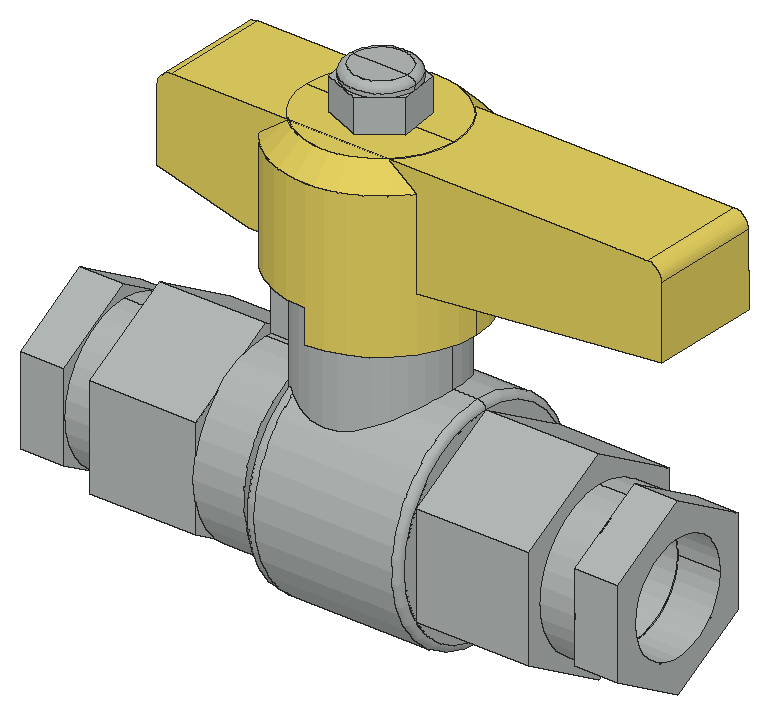
Revit family "QP12335015", category Apparecchi idraulici, Revit 2020
Family settings
  Quota connettore circolare = Usa diametro
  Tipo di parte = Normale
  Numero OmniClass = 23.45.00.00
  Titolo OmniClass = Sanitary, Laundry, and Cleaning Equipment
  Basato su piano di lavoro = No
  Sempre verticale = Sì
  Taglio con vuoti quando caricato = No
  Condiviso = No
  Punto di calcolo locali = No
Parameters
  URL = "https://web.cimberio.com/index.php/figura/1600?subcategoria_id="
  Prospetto di default = 0 mm
  Produttore = "CIMBERIO SPA"
  Modello = "Cim 802FPTR"
  Descrizione = "Utilizzato nell’impiantistica distributiva di gas a bassa pressione per le categorie:\r\nGas naturali: gas derivati dal petrolio (Metano) e gas di ricambio.\r\nGas di città: prodotti secondo i diversi procedimenti (Cracking - Cokerie - ecc.).\r\nGas liquidi: propano e miscele di gas propano/butano"
Reference planes
  plane 1 "Centro (Fronte/Retro)": y = 0
  plane 2: z = 0
  plane 3 "Centro (Sinistra/Destra)": x = 0
Forms (mm)
  Revolve 1, solid, material "_CIM Plastica maniglia"
    sketch origin (0, 0, -1.484) x (1, 0, 0) y (0, 0, 1)
      loop
        line (0, 47.3) -> (-10.25, 47.3) -> (-13.25, 44.3) -> (-13.25, 24.3) -> (-8.92, 24.3) -> (-8.92, 33.247) -> (0, 33.247) -> (0, 47.3)
      axis (0, 47.3) -> (0, 24.3)
    angle from 0 to 360
  Extrusion 2, void
    sketch origin (0, 0, 27.066) x (1, 0, 0) y (0, 1, 0)
      loop
        line (-8.682, 0) -> (-12.843, 0)
        arc (-12.843, 0) -> (-11.056, -11.86) -> (0, -16.51) r 12.25
        line (0, -16.51) -> (0, -7.437)
        arc (0, -7.437) -> (-5.627, -5.22) -> (-8.682, 0) r 9.25
    from -7.705 to 0.295
  Extrusion 3, solid, material "_CIM_Lega di ottone"
    sketch origin (0, 0, 45.816) x (0.380137, 0.92493, 0) y (-0.92493, 0.380137, 0)
      loop
        line (0, 5.6) -> (-4.85, 2.8) -> (-4.85, -2.8) -> (0, -5.6) -> (4.85, -2.8) -> (4.85, 2.8) -> (0, 5.6)
    from 0 to 4.5
  Revolve 4, solid, material "_CIM_Lega di ottone"
    sketch origin (0, 0, -1.484) x (1, 0, 0) y (0, 0, 1)
      loop
        line (0, 28.8) -> (0, 11.324) -> (10.003, 11.324) -> (10.003, 28.8) -> (0, 28.8)
      axis (0, 28.8) -> (0, 11.324)
    angle from 0 to 360
  Extrusion 5, solid, material "_CIM_Lega di ottone"
    sketch origin (0, 0, -1.484) x (1, 0, 0) y (0, 0, 1)
      loop
        line (-9, 27.8) -> (-14, 27.8) -> (-14, 15.632) -> (-9, 15.632) -> (-9, 27.8)
    from -1.5 to 1.5
  Revolve 6, solid, material "_CIM_Lega di ottone filetto"
    sketch origin (0, 0, -1.484) x (1, 0, 0) y (0, 0, 1)
      loop
        line (0, 33.247) -> (-8.299, 33.247) -> (-8.299, 31.791) -> (-7.423, 31.285) -> (-7.423, 30.49) -> (-8.299, 29.984) -> (-8.299, 29.189) -> (-7.423, 28.683) -> (-7.423, 27.74) -> (-8.299, 26.864) -> (-8.299, 25.951) -> (0, 25.951) -> (0, 33.247)
      axis (0, 33.247) -> (0, 25.951)
    angle from 0 to 360
  Revolve 7, solid, material "_CIM_Lega di ottone"
    sketch origin (0, 0, -1.484) x (1, 0, 0) y (0, 0, 1)
      loop
        line (0, 53.3) -> (0, 51.152) -> (4.75, 51.152) -> (4.75, 52.3)
        arc (4.75, 52.3) -> (4.457, 53.007) -> (3.75, 53.3) r 1
        line (3.75, 53.3) -> (0, 53.3)
      axis (0, 53.3) -> (0, 51.152)
    angle from 0 to 360
  Extrusion 8, solid, material "_CIM_Lega di ottone"
    sketch origin (-16, 0, 0) x (0, 0, 1) y (0, 1, 0)
      loop
        circle (0, 0) r 7.467
      loop
        line (14, 0) -> (7, 12.124) -> (-7, 12.124) -> (-14, 0) -> (-7, -12.124) -> (7, -12.124) -> (14, 0)
    from 0 to 14.6
  Revolve 9, solid, material "_CIM_Lega di ottone"
    sketch origin (0, 0, 0) x (1, 0, 0) y (0, 0, 1)
      loop
        line (-16, -7.467) -> (-16, -12.5) -> (-9, -12.5) -> (-6.646, -14.854)
        arc (-6.646, -14.854) -> (-6.13, -14.957) -> (-5.604, -15) r 4.499
        line (-5.604, -15) -> (13.501, -15)
        arc (13.501, -15) -> (14.207, -14.707) -> (14.5, -14) r 1
        line (14.5, -14) -> (14.5, -7.467) -> (-16, -7.467)
      axis (-16, 0) -> (14.5, 0)
    angle from 0 to 360
  Extrusion 10, solid, material "_CIM_Lega di ottone"
    sketch origin (0, 0, 0) x (0, 1, 0) y (0, 0, 1)
      loop
        circle (0, 0) r 7.467
      loop
        line (0, 14) -> (-12.124, 7) -> (-12.124, -7) -> (0, -14) -> (12.124, -7) -> (12.124, 7) -> (0, 14)
    from 14.5 to 30.2
  Extrusion 11, solid, material "_CIM Plastica maniglia"
    sketch origin (0, 0, 0) x (1, 0, 0) y (0, 0, 1)
      loop
        line (-25, 43.8) -> (-25, 33.8) -> (-12.266, 30.404) -> (11.043, 30.404) -> (45, 33.8) -> (45, 43.8)
        arc (45, 43.8) -> (44.414, 45.214) -> (43, 45.8) r 2
        line (43, 45.8) -> (-23, 45.8)
        arc (-23, 45.8) -> (-24.414, 45.214) -> (-25, 43.8) r 2
    from -7.434 to 7.499
  Extrusion 12, solid, material "_CIM_Lega di ottone"
    sketch origin (-16, 0, 0) x (0, 0, 1) y (0, 1, 0)
      loop
        circle (0, 0) r 7.467
      loop
        line (12, 0) -> (6, 10.392) -> (-6, 10.392) -> (-12, 0) -> (-6, -10.392) -> (6, -10.392) -> (12, 0)
    from 19.656 to 25.656
  Revolve 13, solid, material "_CIM_Lega di ottone filetto"
    sketch origin (0, 0, 0) x (1, 0, 0) y (0, 0, 1)
      loop
        line (-35.656, 10.3) -> (-35.656, 7.5) -> (-30.6, 7.5) -> (-30.6, 10.3) -> (-35.656, 10.3)
      axis (-35.656, 0) -> (-30.6, 0)
    angle from 0 to 360
  Extrusion 14, solid, material "_CIM_Lega di ottone"
    sketch origin (15.531, 0, 0) x (0, 0, 1) y (0, -1, 0)
      loop
        circle (0, 0) r 7.467
      loop
        line (12, 0) -> (6, 10.392) -> (-6, 10.392) -> (-12, 0) -> (-6, -10.392) -> (6, -10.392) -> (12, 0)
    from 19.656 to 25.656
  Revolve 15, solid, material "_CIM_Lega di ottone filetto"
    sketch origin (-0.469, 0, 0) x (-1, 0, 0) y (0, 0, -1)
      loop
        line (-35.656, -10.3) -> (-30.6, -10.3) -> (-30.6, -7.5) -> (-35.656, -7.5) -> (-35.656, -10.3)
      axis (-35.656, 0) -> (-30.6, 0)
    angle from 0 to 360
Cuts and joins
  Extrusion 2 cuts Revolve 1
  joined: Revolve 4, Extrusion 5
Dimensions and locks
  aligned and locked: level to plane 2
Connectors
  piping at (41.188, 0, 0), diameter 15
    settings: on Extrusion 14, index 1, connector inside diameter 609.6 mm, connector length 0 mm, flow factor 0, pipe flow 0.0 L/s, pressure drop 0.0 Pa, fitting loss kfactor 0, connector angle 0.00°, fixture units 0, engagement length 0 mm, angle of deflection 0.00°, flow configuration 0, flow direction 0, fitting loss method 0, system type 7, joint type 0, gender type 0, connector reference index -1, connector utility 0, adjustable connector no, is connector primary yes, connector description ""
  piping at (-41.656, 0, 0), diameter 15
    settings: on Extrusion 12, index 2, connector inside diameter 609.6 mm, connector length 0 mm, flow factor 0, pipe flow 0.0 L/s, pressure drop 0.0 Pa, fitting loss kfactor 0, connector angle 0.00°, fixture units 0, engagement length 0 mm, angle of deflection 0.00°, flow configuration 0, flow direction 0, fitting loss method 0, system type 7, joint type 0, gender type 0, connector reference index -1, connector utility 0, adjustable connector no, is connector primary no, connector description ""
